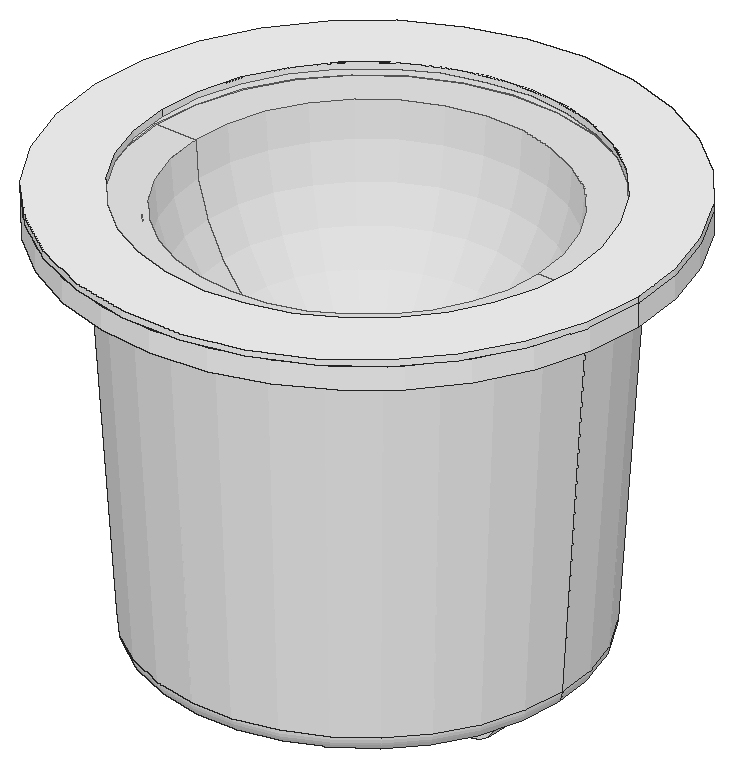
Revit family "2058958", category Lighting Fixtures, host Face, Revit 2018
Family settings
  Host = Face
  Round Connector Dimension = Use Diameter
  Part Type = Normal
  OmniClass Number = 23.80.70.11.17
  OmniClass Title = Specialized Lighting by Location or Use
  Cut with Voids When Loaded = No
  Light Source = Yes
  Shared = No
  Room Calculation Point = No
Parameters (values of type "2058958 MYRIAD DECO IP65 SP 3K PHD EM BK CBEZ")
  Weight = "n/a"
  Wattage = 15 W
  WarrantyStartDate [instance] = "n/a"
  WarrantyGuarantorParts = "n/a"
  WarrantyDurationUnit = "n/a"
  WarrantyDurationParts = ""
  WarrantyDescription = "http://www.sylvania-lighting.com"
  built-in parameter 1150110 = 1 (stored number, unit not read)
  Voltage = 230 V
  URL = "0"
  TypeName = "MYRIAD DECO IP65 SPOT 3000K PHDM EM BLACK CBEZ"
  Type Image = 0
  Type Comments = ""
  built-in parameter 1114217 = 1 (stored number, unit not read)
  Tilt Angle = -90°
  built-in parameter 1150109 = 1 (stored number, unit not read)
  built-in parameter 1150134 = (empty or 0)
  built-in parameter 1150113 = 1 (stored number, unit not read)
  SerialNumber [instance] = "n/a"
  Reflector Radius = Cutout Diameter / 2 - 2.5 mm  # 35.0 mm
  Reflector Material = Aluminum_Sylvania_Myriad_Bright
  Recessed Depth = Height  # 72.0 mm
  PowerFactor = 0
  PowerConsumption = "Lighting"
  Photometric Web File = "2058958.ies"
  NominalWidth = 0.0 mm
  NominalLength = 76.0 mm
  NominalHeight = 72.0 mm
  Name = "MYRIAD DECO IP65 SPOT 3000K PHDM EM BLACK CBEZ"
  ModelReference = "MYRIAD DECO IP65 SPOT 3000K PHDM EM BLACK CBEZ"
  ModelNumber = "2058958"
  Material = "Feilo Sylvania"
  ManufacturerName = "92 lm/W"
  LuminousEfficacy = ""
  LuminaireType = "0"
  LightOutputRatio = "LED"
  LampsType = Lamp  # "n/a"
  LampNominalLuminous = "3000 K"
  LampMacAdamStep = "90"
  LampColourTemperature = "LED"
  LampColourRenderingIndex = "16500"
  Keynote = "n/a"
  Keynote_2 = "16500"
  InstallationDate [instance] = "n/a"
  InputVoltage = "0"
  InputNominalFrequency = "3000"
  IngressProtection = "IfcLightFixtureType"
  ImpactProtectionIndex = "IfcLightFixtureType"
  IfcExportType = "IfcLightFixtureType"
  IfcExportAs = "Class II"
  Height = 72.0 mm  # constant formula
  ExpectedLife = 50000
  Emit from Circle Diameter = Accessory Inner Diameter 2  # 68.0 mm
  Emit Shape Visible in Rendering = no
  ElectricShockClassification = "92"
  DurationUnit = "hours"
  DocumentationLiterature = "http://www.sylvania-lighting.com/product/en-int/products/2058958"
  DimmingControlOptions = "n/a"
  Diffuser Material = Glass_Sylvania_Myriad_Clear_4000K
  Diffuser Diameter = Cutout Diameter  # 75.0 mm
  Cutout Diameter = 75.0 mm  # constant formula
  CreatedOn = "03/02/2022"
  CreatedBy = "@sylvania-lighting.com"
  Cost = 0
  built-in parameter 1114216 [instance] = 1 (stored number, unit not read)
  Model = "MYRIAD DECO IP65 SPOT 3000K PHDM EM BLACK CBEZ"
  Manufacturer = "Feilo Sylvania"  # constant formula
  built-in parameter 1150105 = 83.556 (stored number, unit not read)
  Lumens = 1050 lm
  built-in parameter 1150115 = 1 (stored number, unit not read)
  built-in parameter 1150137 = (empty or 0)
  built-in parameter 1150139 = (empty or 0)
  built-in parameter 1150112 = 1 (stored number, unit not read)
  built-in parameter 1150114 = 1 (stored number, unit not read)
  Lamp = "n/a"
  built-in parameter 1150132 = (empty or 0)
  built-in parameter 1150102 = (empty or 0)
  built-in parameter 1150107 = 2700 (stored number, unit not read)
  built-in parameter 1150138 = (empty or 0)
  built-in parameter 1150106 = 0.83556 (stored number, unit not read)
  built-in parameter 1150104 = 6.5032 (stored number, unit not read)
  Dimming Lamp Color Temperature Shift = <None>
  Description = "Supplied complete with electronic control gear Compact Fluorescent low energy downlight Emergency version passes through the cut out Ideal for low level orientation lighting New range of Architectural accessories each providing a different lit dimension New completely flush plaster up accessory ring for clean ceiling lines and smooth finish Order lamp separately"  # constant formula
  Default Elevation = 0.0 mm
  Color Filter = 16777215
  built-in parameter 1140040 [instance] = 1
  Body Radius = Reflector Radius + 1.5 mm  # 36.5 mm
  Body Material = Aluminum_Sylvania_Myriad_Gray
  BarCode [instance] = "n/a"
  built-in parameter 1114218 = 1 (stored number, unit not read)
  built-in parameter 1150133 = 10 (stored number, unit not read)
  AssetType = "Fixed"
  AssetIdentifier [instance] = "n/a"
  Assembly Code = "D5020200"
  Apparent Load = 12 VA
  Accessory Material = Aluminum_Sylvania_Myriad_White
  Accessory Inner Diameter 2 = Accessory Diameter - 22.0 mm  # 68.0 mm
  Accessory Inner Diameter 1 = Accessory Diameter - 2.0 mm  # 88.0 mm
  Accessory Diameter = Cutout Diameter + 15.0 mm  # 90.0 mm
Reference planes
  plane 1 "Center (Front/Back)": y = 0
  plane 2: z = 0
  plane 3 "Center (Left/Right)": x = 0
  plane 4: z = 2
  plane 5 "Fixture Bottom": z = 4.5
  plane 6: z = -28.5
  plane 7: z = -61.5
  plane 8 "Fixture Top": z = -67.5
  plane 9: z = 3.5
Forms (mm)
  Revolve 1, solid, material "Aluminum_Sylvania_Myriad_Bright" <- "Reflector Material", detail levels fine
    sketch origin (0, 0, 0) x (1, 0, 0) y (0, 0, 1)
      loop
        line (0, -27.515) -> (-6, -27.515)
        arc (-6, -27.515) -> (-22.333, -16.632) -> (-28.5, 2) r 30.135
        line (-28.5, 2) -> (-35, 2) -> (-35, 0) -> (-29.184, 0)
        arc (-29.184, 0) -> (-22.423, -18.18) -> (-6, -28.5) r 30.204
        line (-6, -28.5) -> (0, -28.5) -> (0, -27.515)
      axis (0, -28.5) -> (0, 2)
    angle from 0 to 360
  Revolve 2, solid, material "Aluminum_Sylvania_Myriad_Gray" <- "Body Material", detail levels fine
    sketch origin (0, 0, 0) x (1, 0, 0) y (0, 0, 1)
      loop
        line (-44, 2) -> (-44, 0) -> (-36.5, 0) -> (-32.42, -58.708)
        arc (-32.42, -58.708) -> (-31.474, -60.694) -> (-29.428, -61.5) r 3
        line (-29.428, -61.5) -> (0, -61.5) -> (0, -28.5) -> (-6, -28.5)
        arc (-6, -28.5) -> (-22.423, -18.18) -> (-29.184, 0) r 30.204
        line (-29.184, 0) -> (-35, 0) -> (-35, 2) -> (-44, 2)
      axis (0, 2) -> (0, -61.5)
    angle from 0 to 360
  Extrusion 3, solid, material "Aluminum_Sylvania_Myriad_Gray" <- "Body Material", detail levels fine
    sketch origin (0, 0, 0) x (1, 0, 0) y (0, 0, 1)
      loop
        line (-13.5, -67.5) -> (21, -67.5)
        arc (21, -67.5) -> (23.828, -66.328) -> (25, -63.5) r 4
        line (25, -63.5) -> (25, -61.5) -> (-17.5, -61.5) -> (-17.5, -63.5)
        arc (-17.5, -63.5) -> (-16.328, -66.328) -> (-13.5, -67.5) r 4
    from -4.5 to 4.5
  Extrusion 4, solid, material "Aluminum_Sylvania_Myriad_White" <- "Accessory Material", detail levels fine
    sketch origin (0, 0, 0) x (1, 0, 0) y (0, 1, 0)
      loop
        circle (0, 0) r 45
      loop
        circle (0, 0) r 44
    from 0 to 3.5
  Extrusion 5, solid, material "Aluminum_Sylvania_Myriad_White" <- "Accessory Material", detail levels fine
    sketch origin (0, 0, 0) x (1, 0, 0) y (0, 1, 0)
      loop
        circle (0, 0) r 45
      loop
        circle (0, 0) r 34
    from 3.5 to 4.5
  Extrusion 6, solid, material "Aluminum_Sylvania_Myriad_White" <- "Accessory Material", detail levels coarse+medium
    sketch origin (0, 0, 0) x (1, 0, 0) y (0, 1, 0)
      loop
        circle (0, 0) r 45
    from 0 to 4.5
  Revolve 7, solid, detail levels coarse+medium
    sketch origin (0, 0, 0) x (1, 0, 0) y (0, 0, 1)
      loop
        line (36.5, 0) -> (0, 0) -> (0, -61.5) -> (32.226, -61.5) -> (36.5, 0)
      axis (0, 0) -> (0, -61.5)
    angle from 0 to 360
  Extrusion 8, void
    sketch origin (0, 0, 0) x (1, 0, 0) y (0, 1, 0)
      loop
        circle (0, 0) r 37.5
    from -67.5 to 0
  Extrusion 9, solid, material "Glass_Sylvania_Myriad_Clear_4000K" <- "Diffuser Material", detail levels fine
    sketch origin (0, 0, 0) x (1, 0, 0) y (0, 1, 0)
      loop
        circle (0, 0) r 37.5
    from 2 to 3.5
Cuts and joins
  joined: Extrusion 4, Extrusion 5
Lines and regions (mm)
  Masking region 1
    outline origin (0, 0, 0) x (1, 0, 0) y (0, 1, 0)
      loop
        circle (0, 0) r 45
  symbolic lines
    curve 1: arc (-34, 0, 0) -> (0, 34, 0) -> (34, 0, 0) r 34
    curve 2: arc (34, 0, 0) -> (0, -34, 0) -> (-34, 0, 0) r 34
Dimensions and locks
  locked: plane 7 to plane 8 "Fixture Top" at 6
  "Body Radius": Revolve 7 sketch curve to plane 3 "Center (Left/Right)"
  locked: Revolve 7 sketch curve to Revolve 7 sketch curve at 4.274
  plane 5 "Fixture Bottom" to plane 9 to plane 4 to plane 2 to plane 6 = 1.0 mm locked, 1.5 mm locked, 2.0 mm locked, 28.5 mm locked
  "Reflector Radius": Revolve 1 sketch curve to plane 3 "Center (Left/Right)"
  Revolve 1 sketch curve to Revolve 1 sketch curve to Revolve 1 sketch curve to Revolve 1 sketch curve = 6.5 mm locked, 22.5 mm locked, 0.0 mm locked
  "Reflector Radius": plane 3 "Center (Left/Right)" to Revolve 2 sketch curve
  Revolve 2 sketch curve to Revolve 2 sketch curve to Revolve 2 sketch curve = 7.5 mm locked, 1.5 mm locked
  Revolve 2 sketch curve to Revolve 2 sketch curve to Revolve 2 sketch curve = 5.816 mm locked, 23.184 mm locked
  Revolve 2 sketch curve to Revolve 2 sketch curve to Revolve 2 sketch curve = 2.58 mm locked, 2.993 mm locked
  "Accessory Diameter": diameter of Extrusion 4 sketch curve
  "Accessory Inner Diameter 1": diameter of Extrusion 4 sketch curve
  "Accessory Diameter": diameter of Extrusion 5 sketch curve
  "Accessory Diameter": diameter of Extrusion 6 sketch curve
  "Cutout Diameter": diameter of Extrusion 8 sketch curve
  "Accessory Inner Diameter 2": diameter of Extrusion 5 sketch curve
  "Diffuser Diameter": diameter of Extrusion 9 sketch curve
  aligned and locked: plane 2 to host face
  aligned and locked: level to host face
  aligned and locked: plane 1 "Center (Front/Back)" to imposter light
  aligned and locked: plane 3 "Center (Left/Right)" to imposter light
  aligned and locked: Revolve 1 sketch curve to imposter light
  aligned and locked: Extrusion 3 sketch curve to plane 8 "Fixture Top"
  aligned and locked: plane 7 to Extrusion 3 sketch curve
  aligned and locked: Extrusion 4 to plane 2
  aligned and locked: plane 9 to Extrusion 4
  aligned and locked: Extrusion 5 to plane 9
  aligned and locked: plane 5 "Fixture Bottom" to Extrusion 5
  aligned and locked: Extrusion 6 to plane 2
  aligned and locked: plane 5 "Fixture Bottom" to Extrusion 6
  aligned and locked: Extrusion 8 to plane 8 "Fixture Top"
  aligned and locked: plane 2 to Extrusion 8
  aligned and locked: Masking region 1 sketch curve to Extrusion 6  (x2)
  aligned and locked: Extrusion 9 to plane 4
  aligned and locked: plane 9 to Extrusion 9
  aligned and locked: plane 4 to Revolve 2 sketch curve
  aligned and locked: Revolve 2 sketch curve to plane 2
  aligned and locked: curve 1 to cut or joined group of Extrusion 4, Extrusion 5
  aligned and locked: curve 2 to cut or joined group of Extrusion 4, Extrusion 5
  aligned and locked: imposter light to plane 5 "Fixture Bottom"
Automatic sketch dimensions
  host sketch curve to host sketch curve = 1305.563 mm
  host sketch curve to host sketch curve = 1283.632 mm
  Extrusion 3 sketch curve to plane 7 = 2.0 mm
  Extrusion 3 sketch curve to plane 3 "Center (Left/Right)" = 13.5 mm
  plane 3 "Center (Left/Right)" to Extrusion 3 sketch curve = 21.0 mm
  Extrusion 3 sketch curve to Extrusion 3 sketch curve = 4.0 mm
  Revolve 1 sketch curve to level = 0.0 mm
  Revolve 1 sketch curve to plane 3 "Center (Left/Right)" = 0.0 mm
  Revolve 1 sketch curve to plane 6 = 0.0 mm
  Revolve 1 sketch curve to plane 4 = 0.0 mm
  Revolve 1 sketch curve to Revolve 1 sketch curve = 0.684 mm
  level to Revolve 1 sketch curve = 0.88 mm
  Revolve 1 sketch curve to plane 4 = 0.363 mm
  Revolve 1 sketch curve to Revolve 1 sketch curve = 0.625 mm
  Revolve 1 sketch curve to plane 8 "Fixture Top" = 232.8 mm
  plane 5 "Fixture Bottom" to Revolve 1 sketch curve = 291.243 mm
  Revolve 2 sketch curve to plane 3 "Center (Left/Right)" = 0.0 mm  (x2)
  Revolve 2 sketch curve to plane 7 = 0.0 mm
  Revolve 2 sketch curve to plane 6 = 0.0 mm
  Revolve 2 sketch curve to level = 0.0 mm
  level to Revolve 2 sketch curve = 0.88 mm
  plane 7 to Revolve 2 sketch curve = 2.792 mm
  Revolve 2 sketch curve to plane 8 "Fixture Top" = 304.774 mm
  plane 5 "Fixture Bottom" to Revolve 2 sketch curve = 1137.105 mm
  Extrusion 4 sketch curve to Extrusion 4 sketch curve = 0.0 mm  (x2)
  plane 1 "Center (Front/Back)" to Extrusion 4 sketch curve = 0.0 mm
  Extrusion 4 sketch curve to plane 3 "Center (Left/Right)" = 0.0 mm
  Extrusion 5 sketch curve to Extrusion 5 sketch curve = 0.0 mm  (x2)
  plane 1 "Center (Front/Back)" to Extrusion 5 sketch curve = 0.0 mm
  Extrusion 5 sketch curve to plane 3 "Center (Left/Right)" = 0.0 mm
  plane 1 "Center (Front/Back)" to Extrusion 6 sketch curve = 0.0 mm
  Extrusion 6 sketch curve to plane 3 "Center (Left/Right)" = 0.0 mm
  Revolve 7 sketch curve to level = 0.0 mm
  Revolve 7 sketch curve to plane 3 "Center (Left/Right)" = 0.0 mm  (x2)
  Revolve 7 sketch curve to plane 7 = 0.0 mm
  Revolve 7 sketch curve to plane 8 "Fixture Top" = 304.774 mm
  plane 5 "Fixture Bottom" to Revolve 7 sketch curve = 43.226 mm
  plane 1 "Center (Front/Back)" to Extrusion 8 sketch curve = 0.0 mm
  Extrusion 8 sketch curve to plane 3 "Center (Left/Right)" = 0.0 mm
  plane 1 "Center (Front/Back)" to Extrusion 9 sketch curve = 0.0 mm
  Extrusion 9 sketch curve to plane 3 "Center (Left/Right)" = 0.0 mm
Connectors
  electrical at (-0.006, -0.019, -67.5), driven by "Apparent Load", driven by "Apparent Load"
    settings: on plane 8 "Fixture Top", index 1, voltage 230 V, apparent load 12 VA, apparent load phase1 12 VA, apparent load phase2 0 VA, apparent load phase3 0 VA, power factor 1, load classification "Lighting", number of poles 1, system type 30, power factor state 1, is connector primary yes, connector utility no, sub classification motor no, connector description ""
